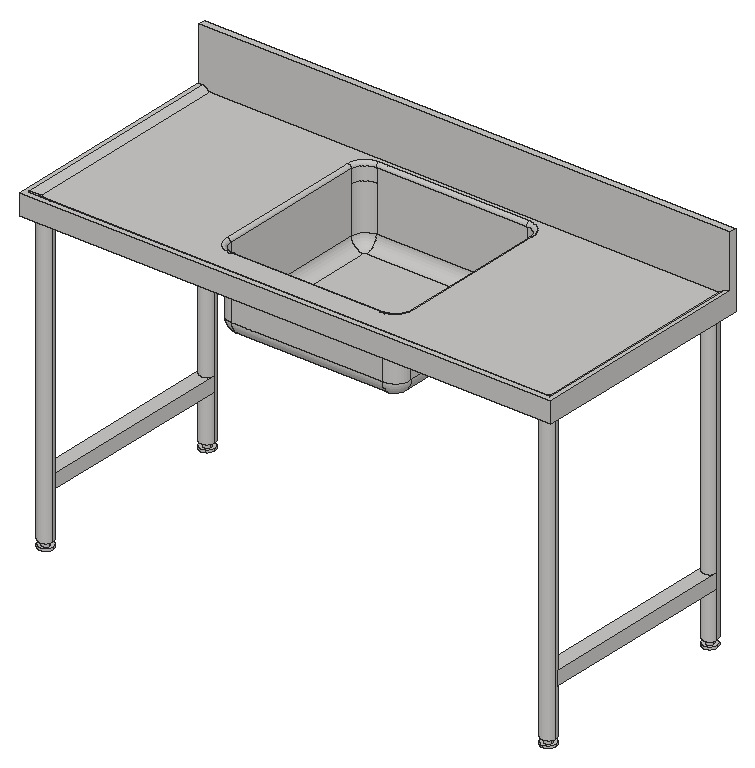
Revit family
Parameters (values of type "1500 X 650 Bowl Center")
  Waste Connection Diameter = 40 mm
  Width Of Bowl = 505 mm
  Waste Connection Radius = Waste Connection Diameter / 2  # 20 mm
  WFU = 0
  URL = "http://www.autospec.co.za/browse.php?id=1644179283"
  Product Code = "None"
  OmniClass Title = ""
  OmniClass Number = ""
  Modspec Classification = ""
  Specification = ""
  Material = Stainless Steel Grade 304
  Location (revit room) = ""
  Length Of Bowl = 505 mm
  Bowl Posiition [instance] = if(Bowl Position End, Distance Of Bowl, if(Bowl Position Center, Length / 2, Distance Of Bowl))  # 750 mm
  Description = ""
  Depth Of Bowl = 230 mm
  Colour = none
  Bowl Position End [instance] = no
  Bowl Position Center [instance] = not(Bowl Position End)  # yes
  Body Finish = none
  Distance Of Bowl = 330 mm
  Splashback Height = 150 mm
  Width = 650 mm
  Model = "Catering Sink Center Single Bowl Series KS1-1500 X 650"
  Manufacturer = "Kwikot"  # constant formula
  Length = 1500 mm
  Height = 1050 mm
  Assembly Code = "E1090300"
Reference planes
  plane 1 "Center (Front/Back)": y = 0
  plane 2 "Bottom": z = 0
  plane 3 "Center (Left/Right)": x = 0
  plane 4 "Left": x = -750
  plane 5 "Right": x = 750
  plane 6 "Front": y = -650
  plane 7 "Top": z = 1050
  plane 8: z = 900
  plane 9: z = 840
  plane 10: z = 670
  plane 11: y = -295
  plane 12: x = 0
  plane 13: x = 235
  plane 14: x = -270
  plane 15: y = -42.5
  plane 16: y = -547.5
Forms (mm)
  Extrusion 1, solid, material "Stainless Steel Grade 304" <- "Material"
    sketch origin (-750, -491, 4000) x (0, -1, 0) y (0, 0, 1)
      loop
        line (-491, -3160) -> (159, -3160) -> (159, -3100) -> (-471, -3100) -> (-471, -2950) -> (-491, -2950) -> (-491, -3160)
    from 0 to -1500
  Blend 2, void
    base sketch origin (-779.234, -1524, 900) x (0, -1, 0) y (1, 0, 0)
      loop
        arc (-891, 41.234) -> (-887.464, 42.698) -> (-886, 46.234) r 5
        line (-886, 46.234) -> (-886, 1512.234)
        arc (-886, 1512.234) -> (-887.464, 1515.769) -> (-891, 1517.234) r 5
        line (-891, 1517.234) -> (-1504, 1517.234) -> (-1504, 41.234) -> (-891, 41.234)
    top sketch origin (-779.234, -1524, 900) x (0, -1, 0) y (1, 0, 0)
      loop
        line (-1504, 61.234) -> (-911, 61.234)
        arc (-911, 61.234) -> (-907.464, 62.698) -> (-906, 66.234) r 5
        line (-906, 66.234) -> (-906, 1492.234)
        arc (-906, 1492.234) -> (-907.464, 1495.769) -> (-911, 1497.234) r 5
        line (-911, 1497.234) -> (-1504, 1497.234) -> (-1504, 61.234)
    from 0 to -12
  Extrusion 3, void
    sketch origin (-779.234, -1524, 840) x (0, -1, 0) y (-1, 0, 0)
      loop
        line (-1481.5, -549.234) -> (-1481.5, -974.234)
        arc (-1481.5, -974.234) -> (-1469.784, -1002.518) -> (-1441.5, -1014.234) r 40
        line (-1441.5, -1014.234) -> (-1016.5, -1014.234)
        arc (-1016.5, -1014.234) -> (-988.216, -1002.518) -> (-976.5, -974.234) r 40
        line (-976.5, -974.234) -> (-976.5, -549.234)
        arc (-976.5, -549.234) -> (-988.216, -520.949) -> (-1016.5, -509.234) r 40
        line (-1016.5, -509.234) -> (-1441.5, -509.234)
        arc (-1441.5, -509.234) -> (-1469.784, -520.949) -> (-1481.5, -549.234) r 40
    from 0 to -60
  Sweep 4, solid, material "Stainless Steel Grade 304" <- "Material"
    path origin (-779.234, -1524, 900) x (-1, 0, 0) y (0, -1, 0)
      loop
        line (-509.234, -1441.5) -> (-509.234, -1016.5)
        arc (-509.234, -1016.5) -> (-520.949, -988.216) -> (-549.234, -976.5) r 40
        line (-549.234, -976.5) -> (-974.234, -976.5)
        arc (-974.234, -976.5) -> (-1002.518, -988.216) -> (-1014.234, -1016.5) r 40
        line (-1014.234, -1016.5) -> (-1014.234, -1441.5)
        arc (-1014.234, -1441.5) -> (-1002.518, -1469.784) -> (-974.234, -1481.5) r 40
        line (-974.234, -1481.5) -> (-549.234, -1481.5)
        arc (-549.234, -1481.5) -> (-520.949, -1469.784) -> (-509.234, -1441.5) r 40
    profile origin (-270, -295, 900) x (1, 0, 0) y (0, 0, 1)
      loop
        line (0, -12) -> (-5, -12) -> (-5, -190)
        arc (-5, -190) -> (6.716, -218.284) -> (35, -230) r 40
        line (35, -230) -> (35, -225)
        arc (35, -225) -> (10.251, -214.749) -> (0, -190) r 35
        line (0, -190) -> (0, -12)
  Blend 5, solid, material "Stainless Steel Grade 304" <- "Material"
    base sketch origin (-779.234, -1524, 670) x (-1, 0, 0) y (0, -1, 0)
      loop
        circle (-779.234, -1229) r 26
    top sketch origin (-779.234, -1524, 670) x (-1, 0, 0) y (0, -1, 0)
      loop
        circle (-779.234, -1229) r 20
    from 0 to -5
  Extrusion 6, solid, material "Stainless Steel Grade 304" <- "Material"
    sketch origin (-779.234, -1524, 670) x (-1, 0, 0) y (0, -1, 0)
      loop
        arc (-544.234, -1016.5) -> (-545.698, -1012.964) -> (-549.234, -1011.5) r 5
        line (-549.234, -1011.5) -> (-974.234, -1011.5)
        arc (-974.234, -1011.5) -> (-977.769, -1012.964) -> (-979.234, -1016.5) r 5
        line (-979.234, -1016.5) -> (-979.234, -1441.5)
        arc (-979.234, -1441.5) -> (-977.769, -1445.036) -> (-974.234, -1446.5) r 5
        line (-974.234, -1446.5) -> (-549.234, -1446.5)
        arc (-549.234, -1446.5) -> (-545.698, -1445.036) -> (-544.234, -1441.5) r 5
        line (-544.234, -1441.5) -> (-544.234, -1016.5)
      loop
        circle (-779.234, -1229) r 26
    from 0 to 5
  Sweep 7, void
    path origin (-779.234, -1524, 900) x (-1, 0, 0) y (0, -1, 0)
      loop
        line (-509.234, -1441.5) -> (-509.234, -1016.5)
        arc (-509.234, -1016.5) -> (-520.949, -988.216) -> (-549.234, -976.5) r 40
        line (-549.234, -976.5) -> (-974.234, -976.5)
        arc (-974.234, -976.5) -> (-1002.518, -988.216) -> (-1014.234, -1016.5) r 40
        line (-1014.234, -1016.5) -> (-1014.234, -1441.5)
        arc (-1014.234, -1441.5) -> (-1002.518, -1469.784) -> (-974.234, -1481.5) r 40
        line (-974.234, -1481.5) -> (-549.234, -1481.5)
        arc (-549.234, -1481.5) -> (-520.949, -1469.784) -> (-509.234, -1441.5) r 40
    profile origin (-270, -295, 900) x (1, 0, 0) y (0, 0, 1)
      loop
        line (0, -12) -> (-10, -12)
        arc (-10, -12) -> (-2.929, -14.929) -> (0, -22) r 10
        line (0, -22) -> (0, -12)
  Extrusion 8, solid, material "Stainless Steel Grade 304" <- "Material"
    sketch origin (0, 0, 0) x (1, 0, 0) y (0, 1, 0)
      loop
        circle (-710, -610) r 21
      loop
        circle (710, -610) r 21
      loop
        circle (-710, -40) r 21
      loop
        circle (710, -40) r 21
    from 0 to 5
  Extrusion 9, solid, material "Stainless Steel Grade 304" <- "Material"
    sketch origin (0, 0, 0) x (1, 0, 0) y (0, 1, 0)
      loop
        circle (-710, -610) r 10
      loop
        circle (-710, -40) r 10
      loop
        circle (710, -40) r 10
      loop
        circle (710, -610) r 10
    from 5 to 20
  Extrusion 10, solid, material "Stainless Steel Grade 304" <- "Material"
    sketch origin (-779.234, -1524, 840) x (-1, 0, 0) y (0, -1, 0)
      loop
        circle (-1489.234, -914) r 21
      loop
        circle (-1489.234, -1484) r 21
      loop
        circle (-69.234, -1484) r 21
      loop
        circle (-69.234, -914) r 21
    from 0 to -820
  Extrusion 11, solid, material "Stainless Steel Grade 304"
    sketch origin (0, 0, 0) x (1, 0, 0) y (0, 1, 0)
      loop
        line (-689, -610) -> (-689, -40)
        arc (-689, -40) -> (-710, -61) -> (-731, -40) r 21
        line (-731, -40) -> (-731, -610)
        arc (-731, -610) -> (-710, -589) -> (-689, -610) r 21
      loop
        line (689, -40) -> (689, -610)
        arc (689, -610) -> (710, -589) -> (731, -610) r 21
        line (731, -610) -> (731, -40)
        arc (731, -40) -> (710, -61) -> (689, -40) r 21
    from 150 to 190
Cuts and joins
  Blend 2, Extrusion 3, Sweep 7 cuts Extrusion 1
  Sweep 7 cuts Sweep 4
  Sweep 7 cuts Extrusion 6
  joined: Extrusion 1, Sweep 4, Extrusion 6
Lines and regions (mm)
  symbolic lines
    curve 1: line (-750, 0, 750) -> (-750, -650, 750)
    curve 2: line (750, 0, 750) -> (-750, 0, 750)
    curve 3: line (750, -650, 750) -> (750, 0, 750)
    curve 4: line (-750, -650, 750) -> (750, -650, 750)
    curve 5: line (-750, -20, 750) -> (750, -20, 750)
    curve 6: line (-738, -633, 1050) -> (-738, -20, 1050)
    curve 7: arc (-733, -638, 1050) -> (-736.536, -636.536, 1050) -> (-738, -633, 1050) r 5
    curve 8: line (733, -638, 1050) -> (-733, -638, 1050)
    curve 9: line (-718, -20, 1050) -> (-718, -613, 1050)
    curve 10: arc (-718, -613, 1050) -> (-716.536, -616.536, 1050) -> (-713, -618, 1050) r 5
    curve 11: line (-713, -618, 1050) -> (713, -618, 1050)
    curve 12: arc (713, -618, 1050) -> (716.536, -616.536, 1050) -> (718, -613, 1050) r 5
    curve 13: line (718, -613, 1050) -> (718, -20, 1050)
    curve 14: arc (738, -633, 1050) -> (736.536, -636.536, 1050) -> (733, -638, 1050) r 5
    curve 15: line (738, -20, 1050) -> (738, -633, 1050)
    curve 16: line (195, -547.5, 1050) -> (-230, -547.5, 1050)
    curve 17: arc (-230, -547.5, 1050) -> (-258.284, -535.784, 1050) -> (-270, -507.5, 1050) r 40
    curve 18: line (-270, -507.5, 1050) -> (-270, -82.5, 1050)
    curve 19: arc (-270, -82.5, 1050) -> (-258.284, -54.216, 1050) -> (-230, -42.5, 1050) r 40
    curve 20: line (-230, -42.5, 1050) -> (195, -42.5, 1050)
    curve 21: arc (195, -42.5, 1050) -> (223.284, -54.216, 1050) -> (235, -82.5, 1050) r 40
    curve 22: line (235, -82.5, 1050) -> (235, -507.5, 1050)
    curve 23: arc (235, -507.5, 1050) -> (223.284, -535.784, 1050) -> (195, -547.5, 1050) r 40
  symbolic lines, detail levels fine
    curve 24: arc (26, -295, 1050) -> (0, -321, 1050) -> (-26, -295, 1050) r 26
    curve 25: arc (-26, -295, 1050) -> (0, -269, 1050) -> (26, -295, 1050) r 26
Dimensions and locks
  equal spacing: plane 4 "Left", plane 3 "Center (Left/Right)", plane 5 "Right"
  "Length": plane 4 "Left" to plane 5 "Right"
  "Width": plane 1 "Center (Front/Back)" to plane 6 "Front"
  "Height": plane 7 "Top" to level
  "Splashback Height": plane 7 "Top" to plane 8
  Blend 2 sketch curve to plane 6 "Front" = 12 mm
  plane 11 to plane 1 "Center (Front/Back)" = 295 mm
  "Bowl Posiition": plane 12 to plane 5 "Right"
  Blend 2 sketch curve to var sketch = 20 mm  (x2)
  var sketch to Blend 2 sketch curve = 20 mm
  "Depth Of Bowl": plane 8 to plane 10
  "Length Of Bowl": plane 14 to plane 13
  locked: plane 12 to plane 13 at 235
  "Width Of Bowl": plane 15 to plane 16
  plane 4 "Left" to Extrusion 8 sketch curve = 40 mm  (x2)
  Extrusion 8 sketch curve to plane 6 "Front" = 40 mm  (x2)
  Extrusion 8 sketch curve to plane 1 "Center (Front/Back)" = 40 mm  (x2)
  Extrusion 8 sketch curve to plane 5 "Right" = 40 mm  (x2)
  plane 8 to plane 9 = 60 mm
  plane 4 "Left" to Extrusion 9 sketch curve = 40 mm  (x2)
  Extrusion 9 sketch curve to plane 6 "Front" = 40 mm  (x2)
  Extrusion 9 sketch curve to plane 1 "Center (Front/Back)" = 40 mm  (x2)
  Extrusion 9 sketch curve to plane 5 "Right" = 40 mm  (x2)
  Extrusion 11 to plane 2 "Bottom" = 150 mm
  equal spacing: plane 15, plane 11, plane 16
  radius of Extrusion 3 sketch curve = 40 mm  (x4)
  radius of Extrusion 6 sketch curve = 26 mm
  "Waste Connection Radius": radius of Blend 5 sketch curve
  radius of Extrusion 8 sketch curve = 21 mm  (x4)
  radius of Extrusion 9 sketch curve = 10 mm  (x4)
  aligned and locked: level to plane 2 "Bottom"
  aligned and locked: Extrusion 1 sketch curve to plane 9
  aligned and locked: Extrusion 1 sketch curve to plane 1 "Center (Front/Back)"
  aligned and locked: plane 8 to Extrusion 1 sketch curve
  aligned and locked: Extrusion 1 sketch curve to plane 6 "Front"
  aligned and locked: plane 7 "Top" to Extrusion 1 sketch curve
  aligned and locked: plane 4 "Left" to Extrusion 1
  aligned and locked: Extrusion 1 to plane 5 "Right"
  aligned and locked: var sketch to Blend 2 sketch curve
  aligned and locked: plane 8 to Extrusion 3
  aligned and locked: Extrusion 3 to plane 9
  aligned and locked: Sweep 4 sketch curve to cut or joined group of Extrusion 1, Blend 2, Extrusion 3, Sweep 4, Extrusion 6, Sweep 7  (x6)
  aligned and locked: curve 7 to cut or joined group of Extrusion 1, Blend 2, Extrusion 3, Sweep 4, Extrusion 6, Sweep 7
  aligned and locked: curve 9 to cut or joined group of Extrusion 1, Blend 2, Extrusion 3, Sweep 4, Extrusion 6, Sweep 7
  aligned and locked: curve 10 to cut or joined group of Extrusion 1, Blend 2, Extrusion 3, Sweep 4, Extrusion 6, Sweep 7
  aligned and locked: curve 12 to cut or joined group of Extrusion 1, Blend 2, Extrusion 3, Sweep 4, Extrusion 6, Sweep 7
  aligned and locked: curve 14 to cut or joined group of Extrusion 1, Blend 2, Extrusion 3, Sweep 4, Extrusion 6, Sweep 7
  aligned and locked: curve 15 to cut or joined group of Extrusion 1, Blend 2, Extrusion 3, Sweep 4, Extrusion 6, Sweep 7
  aligned and locked: curve 17 to cut or joined group of Extrusion 1, Blend 2, Extrusion 3, Sweep 4, Extrusion 6, Sweep 7
  aligned and locked: curve 19 to cut or joined group of Extrusion 1, Blend 2, Extrusion 3, Sweep 4, Extrusion 6, Sweep 7
  aligned and locked: curve 21 to cut or joined group of Extrusion 1, Blend 2, Extrusion 3, Sweep 4, Extrusion 6, Sweep 7
  aligned and locked: curve 23 to cut or joined group of Extrusion 1, Blend 2, Extrusion 3, Sweep 4, Extrusion 6, Sweep 7
  aligned and locked: plane 11 to Blend 5 sketch curve
  aligned and locked: plane 12 to Blend 5 sketch curve
  aligned and locked: plane 10 to Blend 5
  aligned and locked: plane 10 to Sweep 4 sketch curve
  aligned and locked: Extrusion 6 sketch curve to cut or joined group of Extrusion 1, Blend 2, Extrusion 3, Sweep 4, Extrusion 6, Sweep 7  (x4)
  aligned and locked: plane 11 to Extrusion 6 sketch curve
  aligned and locked: plane 12 to Extrusion 6 sketch curve
  aligned and locked: Blend 5 sketch curve to cut or joined group of Extrusion 1, Blend 2, Extrusion 3, Sweep 4, Extrusion 6, Sweep 7  (x2)
  aligned and locked: Extrusion 3 sketch curve to plane 15
  aligned and locked: plane 14 to Extrusion 3 sketch curve
  aligned and locked: plane 13 to Extrusion 3 sketch curve
  aligned and locked: plane 16 to Extrusion 3 sketch curve
  aligned and locked: Sweep 7 sketch curve to cut or joined group of Extrusion 1, Blend 2, Extrusion 3, Sweep 4, Extrusion 6, Sweep 7  (x4)
  aligned and locked: profile plane to Sweep 7 sketch curve
  aligned and locked: cut or joined group of Extrusion 1, Blend 2, Extrusion 3, Sweep 4, Extrusion 6, Sweep 7 to Sweep 7 sketch curve
  aligned and locked: Extrusion 8 to plane 2 "Bottom"
  aligned and locked: Extrusion 9 to Extrusion 8
  aligned and locked: Extrusion 10 sketch curve to Extrusion 8  (x8)
  aligned and locked: plane 9 to Extrusion 10
  aligned and locked: Extrusion 10 to Extrusion 9
  aligned and locked: Extrusion 11 sketch curve to Extrusion 10  (x4)
Automatic sketch dimensions
  plane 6 "Front" to Blend 2 sketch curve = 17 mm
  Blend 2 sketch curve to Blend 2 sketch curve = 5 mm  (x2)
  Blend 2 sketch curve to plane 4 "Left" = 12 mm
  plane 5 "Right" to Blend 2 sketch curve = 17 mm
  Blend 2 sketch curve to plane 4 "Left" = 37 mm
  plane 1 "Center (Front/Back)" to Extrusion 1 sketch curve = 20 mm
  plane 1 "Center (Front/Back)" to Blend 2 sketch curve = 20 mm
  plane 1 "Center (Front/Back)" to curve 2 = 0 mm
  curve 2 to plane 5 "Right" = 0 mm
  curve 1 to plane 4 "Left" = 0 mm
  curve 1 to plane 6 "Front" = 0 mm
  curve 1 to curve 5 = 20 mm
  plane 1 "Center (Front/Back)" to curve 6 = 20 mm
  curve 6 to curve 9 = 0 mm
  plane 1 "Center (Front/Back)" to curve 13 = 20 mm
  plane 1 "Center (Front/Back)" to curve 15 = 20 mm
  curve 24 to curve 25 = 0 mm  (x2)
  curve 24 to plane 11 = 0 mm
  curve 25 to plane 12 = 0 mm
  curve 24 to plane 12 = 26 mm
  Sweep 4 sketch curve to Sweep 4 sketch curve = 0 mm
  profile plane to Sweep 4 sketch curve = 5 mm
  Sweep 4 sketch curve to Sweep 4 sketch curve = 35 mm
  Sweep 7 sketch curve to Sweep 7 sketch curve = 10 mm  (x2)
  Sweep 7 sketch curve to Sweep 7 sketch curve = 0 mm  (x2)
  profile plane to Sweep 7 sketch curve = 0 mm
Connectors
  piping at (0, -295, 665), driven by "Waste Connection Radius", driven by "WFU"
    settings: on Blend 5, index 1, connector radius 20 mm, flow factor 0, pipe flow 0.0 L/s, pressure drop 0.0 Pa, fitting loss kfactor 0, connector angle 0.00°, fixture units 0, flow configuration 3, flow direction 2, fitting loss method 0, system type 16, connector reference index -1, connector utility 0, adjustable connector no, is connector primary yes, fitting loss table "", connector description "Waste Connection"
